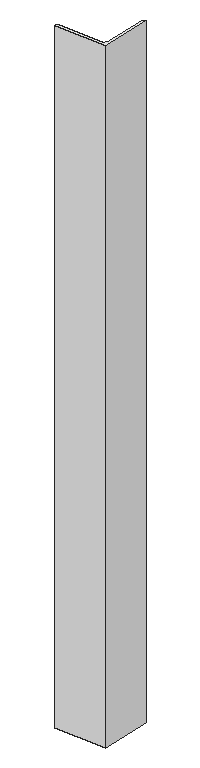
Revit family "M_L Ângulos iguais-Coluna", category Pilares estruturais, Revit 2019
Family settings
  Forma do corte = Ângulo L
  Material para o comportamento do modelo = Aço
  Exportar sempre como geometria = Não
  Redução da viga na planta = Da caixa de vinculação
  Family Name Key = M_L Equal Angles-Column
  Nome do código = AISC 14.1
  Número OmniClass = 23.25.30.11.14.11
  Título OmniClass = Columns
  ID de item do Seek = L-Equal Angles-Column-0000-CAN-ENU
  Corte com vazios quando carregada = Não
  Representação simbólica = Das configurações de projeto
  Compartilhado = Não
  Exibir o pré-corte da família na vista da planta = Sim
Parameters (values of type "L203X203X12.7")
  Largura = 203.00 mm
  Espessura da teia = 12.70 mm
  Concordância da teia = 12.70 mm
  Constante da empena = 867000000.0 mm6
  Momento de inércia de torção = 284000.00 mm4
  Concordância da alma superior = 6.35 mm
  Structural Material [instance] = Aço, 45-345
  Section Name Key = ""
  Área de corte = 5060.0 mm²
  Ângulo dos eixos principais = 45.00°
  Eixo fraco do módulo plástico = 247000.0 mm³
  Eixo forte do módulo plástico = 247000.0 mm³
  Perímetro = 0.81 m²/m
  Peso nominal = 39.30 kgf/m
  Eixo fraco do momento de inércia = 20300000.00 mm4
  Eixo forte do momento de inércia = 20300000.00 mm4
  Altura = 203.00 mm
  Espessura do flange = 12.700 mm
  Concordância do flange = 6.35 mm
  Eixo fraco do módulo de elasticidade = 137000.0 mm³
  Eixo forte do módulo de elasticidade = 137000.0 mm³
  Centróide vertical = 55.10 mm
  Centróide horizontal = 55.10 mm
  Flange mais curto do espaçamento do parafuso = 114.300 mm
  Flange mais longo 2 do espaçamento do parafuso = 0.000 mm
  Flange mais longo 1 do espaçamento do parafuso = 114.300 mm
  Assembly Code = ""
Reference planes
  plane 1: y = 0
  plane 2: z = 0
  plane 3: x = 0
  plane 4: x = -147.9
  plane 5: y = 147.9
  plane 6: y = -55.1
  plane 7: x = 55.1
  plane 8: y = -42.4
  plane 9: x = 42.4
Forms (mm)
  Extrusion 1, solid, material "Aço, 45-345" <- "Structural Material", detail levels medium
    sketch origin (0, 0, 0) x (1, 0, 0) y (0, 1, 0)
      loop
        line (-147.9, -42.4) -> (-147.9, -55.1) -> (55.1, -55.1) -> (55.1, 147.9) -> (42.4, 147.9) -> (42.4, -42.4) -> (-147.9, -42.4)
    from 0 to 2500
  Extrusion 2, solid, material "Aço, 45-345" <- "Structural Material", detail levels fine
    sketch origin (0, 0, 0) x (1, 0, 0) y (0, 1, 0)
      loop
        arc (-141.55, -42.4) -> (-146.04, -44.26) -> (-147.9, -48.75) r 6.35
        line (-147.9, -48.75) -> (-147.9, -55.1) -> (55.1, -55.1) -> (55.1, 147.9) -> (48.75, 147.9)
        arc (48.75, 147.9) -> (44.26, 146.04) -> (42.4, 141.55) r 6.35
        line (42.4, 141.55) -> (42.4, -29.7)
        arc (42.4, -29.7) -> (38.68, -38.68) -> (29.7, -42.4) r 12.7
        line (29.7, -42.4) -> (-141.55, -42.4)
    from 0 to 2500
Lines and regions (mm)
  symbolic lines, style "Faces ocultas", detail levels medium+fine
    curve 1: line (42.4, 0, 2500) -> (42.4, 0, 0)
    curve 2: line (-4.1, -42.4, 2500) -> (-4.1, -42.4, 0)
  symbolic lines, style "StructuralColumnStickSymbols", detail levels coarse
    curve 3: line (55.1, -55.1, 0) -> (-147.9, -55.1, 0)
    curve 4: line (55.1, -55.1, 0) -> (55.1, 147.9, 0)
Dimensions and locks
  "Centróide vertical": plane 1 to plane 6
  "Espessura da teia": plane 8 to plane 6
  "Espessura da teia": plane 9 to plane 7
  "Centróide horizontal": plane 3 to plane 7
  "Altura": plane 5 to plane 6
  "Largura": plane 4 to plane 7
  "Concordância da alma superior": radius of Extrusion 2 sketch curve
  "Concordância do flange": radius of Extrusion 2 sketch curve
  "Concordância da teia": radius of Extrusion 2 sketch curve
  aligned and locked: level to plane 2
  aligned and locked: level to curve 1  (x2)
  aligned and locked: plane 2 to curve 2
  aligned and locked: level to curve 2
  aligned and locked: plane 7 to curve 3
  aligned and locked: plane 6 to curve 3
  aligned and locked: Extrusion 1 sketch curve to plane 5
  aligned and locked: plane 9 to Extrusion 1 sketch curve
  aligned and locked: Extrusion 1 sketch curve to plane 8
  aligned and locked: plane 4 to Extrusion 1 sketch curve
  aligned and locked: plane 6 to Extrusion 1 sketch curve
  aligned and locked: Extrusion 1 sketch curve to plane 7
  aligned and locked: plane 4 to curve 3
  aligned and locked: plane 5 to curve 4
  aligned and locked: level to Extrusion 1
  aligned and locked: Extrusion 1 to level
  aligned and locked: plane 6 to Extrusion 2 sketch curve
  aligned and locked: Extrusion 2 sketch curve to plane 7
  aligned and locked: Extrusion 2 sketch curve to plane 5
  aligned and locked: plane 9 to Extrusion 2 sketch curve
  aligned and locked: Extrusion 2 sketch curve to plane 8
  aligned and locked: plane 4 to Extrusion 2 sketch curve
  aligned and locked: level to Extrusion 2
  aligned and locked: Extrusion 2 to level
  aligned and locked: curve 1 to plane 9
  aligned and locked: plane 8 to curve 2
Types in the file's own list only (60): name | Largura | Espessura da teia | Concordância da teia | Constante da empena | Momento de inércia de torção | Concordância da alma superior | Chave do nome do corte | Área de corte | Eixo fraco do módulo plástico | Eixo forte do módulo plástico | Perímetro | Peso nominal | Eixo fraco do momento de inércia | Eixo forte do momento de inércia | Altura | Espessura do flange | Concordância do flange | Eixo fraco do módulo de elasticidade | Eixo forte do módulo de elasticidade | Centróide vertical | Centróide horizontal | Flange mais curto do espaçamento do parafuso | Flange mais longo 1 do espaçamento do parafuso
  L51X51X3.2 | 50.800 mm | 3.180 mm | 3.180 mm | 212000.0 mm6 | 1220.00 mm4 | 1.590 mm | L2X2X1/8 | 317.0 mm² | 3770.0 mm³ | 3770.0 mm³ | 0.20 m²/m | 2.40 kgf/m | 78700.00 mm4 | 78700.00 mm4 | 50.800 mm | 3.180 mm | 1.590 mm | 2110.0 mm³ | 2110.0 mm³ | 13.600 mm | 13.600 mm | 28.575 mm | 28.575 mm
  L51X51X4.8 | 50.800 mm | 4.760 mm | 4.760 mm | 682000.0 mm6 | 3830.00 mm4 | 2.380 mm | L2X2X3/16 | 466.0 mm² | 5540.0 mm³ | 5540.0 mm³ | 0.20 m²/m | 3.60 kgf/m | 113000.00 mm4 | 113000.00 mm4 | 50.800 mm | 4.760 mm | 2.380 mm | 3080.0 mm³ | 3080.0 mm³ | 14.200 mm | 14.200 mm | 28.575 mm | 28.575 mm
  L51X51X6.4 | 50.800 mm | 6.350 mm | 6.350 mm | 1540000.0 mm6 | 8700.00 mm4 | 3.175 mm | L2X2X1/4 | 609.0 mm² | 7210.0 mm³ | 7210.0 mm³ | 0.20 m²/m | 4.70 kgf/m | 144000.00 mm4 | 144000.00 mm4 | 50.800 mm | 6.350 mm | 3.175 mm | 4000.0 mm³ | 4000.0 mm³ | 14.900 mm | 14.900 mm | 28.575 mm | 28.575 mm
  L51X51X7.9 | 50.800 mm | 7.940 mm | 7.940 mm | 2850000.0 mm6 | 16400.00 mm4 | 3.970 mm | L2X2X5/16 | 748.0 mm² | 8800.0 mm³ | 8800.0 mm³ | 0.20 m²/m | 5.80 kgf/m | 172000.00 mm4 | 172000.00 mm4 | 50.800 mm | 7.940 mm | 3.970 mm | 4880.0 mm³ | 4880.0 mm³ | 15.500 mm | 15.500 mm | 28.575 mm | 28.575 mm
  L51X51X9.5 | 50.800 mm | 9.530 mm | 9.530 mm | 4670000.0 mm6 | 27400.00 mm4 | 4.765 mm | L2X2X3/8 | 884.0 mm² | 10300.0 mm³ | 10300.0 mm³ | 0.20 m²/m | 7.00 kgf/m | 198000.00 mm4 | 198000.00 mm4 | 50.800 mm | 9.530 mm | 4.765 mm | 5700.0 mm³ | 5700.0 mm³ | 16.100 mm | 16.100 mm | 28.575 mm | 28.575 mm
  L64X64X4.8 | 63.500 mm | 4.760 mm | 4.760 mm | 1370000.0 mm6 | 4750.00 mm4 | 2.380 mm | L2 1/2X2 1/2X3/16 | 581.0 mm² | 8670.0 mm³ | 8670.0 mm³ | 0.25 m²/m | 4.60 kgf/m | 223000.00 mm4 | 223000.00 mm4 | 63.500 mm | 4.760 mm | 2.380 mm | 4830.0 mm³ | 4830.0 mm³ | 17.400 mm | 17.400 mm | 34.925 mm | 34.925 mm
  L64X64X6.4 | 63.500 mm | 6.350 mm | 6.350 mm | 3120000.0 mm6 | 10900.00 mm4 | 3.175 mm | L2 1/2X2 1/2X1/4 | 768.0 mm² | 11400.0 mm³ | 11400.0 mm³ | 0.25 m²/m | 6.10 kgf/m | 288000.00 mm4 | 288000.00 mm4 | 63.500 mm | 6.350 mm | 3.175 mm | 6340.0 mm³ | 6340.0 mm³ | 18.100 mm | 18.100 mm | 34.925 mm | 34.925 mm
  L64X64X7.9 | 63.500 mm | 7.940 mm | 7.940 mm | 5850000.0 mm6 | 20600.00 mm4 | 3.970 mm | L2 1/2X2 1/2X5/16 | 942.0 mm² | 14000.0 mm³ | 14000.0 mm³ | 0.25 m²/m | 7.40 kgf/m | 348000.00 mm4 | 348000.00 mm4 | 63.500 mm | 7.940 mm | 3.970 mm | 7770.0 mm³ | 7770.0 mm³ | 18.700 mm | 18.700 mm | 34.925 mm | 34.925 mm
  L64X64X9.5 | 63.500 mm | 9.530 mm | 9.530 mm | 9720000.0 mm6 | 34700.00 mm4 | 4.765 mm | L2 1/2X2 1/2X3/8 | 1120.0 mm² | 16600.0 mm³ | 16600.0 mm³ | 0.25 m²/m | 8.70 kgf/m | 405000.00 mm4 | 405000.00 mm4 | 63.500 mm | 9.530 mm | 4.765 mm | 9140.0 mm³ | 9140.0 mm³ | 19.300 mm | 19.300 mm | 34.925 mm | 34.925 mm
  L64X64X12.7 | 63.500 mm | 12.700 mm | 12.700 mm | 21200000.0 mm6 | 78300.00 mm4 | 6.350 mm | L2 1/2X2 1/2X1/2 | 1460.0 mm² | 21100.0 mm³ | 21100.0 mm³ | 0.25 m²/m | 11.40 kgf/m | 508000.00 mm4 | 508000.00 mm4 | 63.500 mm | 12.700 mm | 6.350 mm | 11700.0 mm³ | 11700.0 mm³ | 20.400 mm | 20.400 mm | 34.925 mm | 34.925 mm
  L76X76X4.8 | 76.200 mm | 4.760 mm | 4.760 mm | 2410000.0 mm6 | 5660.00 mm4 | 2.380 mm | L3X3X3/16 | 703.0 mm² | 12700.0 mm³ | 12700.0 mm³ | 0.30 m²/m | 5.50 kgf/m | 395000.00 mm4 | 395000.00 mm4 | 76.200 mm | 4.760 mm | 2.380 mm | 7100.0 mm³ | 7100.0 mm³ | 20.600 mm | 20.600 mm | 44.450 mm | 44.450 mm
  L76X76X6.4 | 76.200 mm | 6.350 mm | 6.350 mm | 5530000.0 mm6 | 13000.00 mm4 | 3.175 mm | L3X3X1/4 | 929.0 mm² | 16700.0 mm³ | 16700.0 mm³ | 0.30 m²/m | 7.30 kgf/m | 512000.00 mm4 | 512000.00 mm4 | 76.200 mm | 6.350 mm | 3.175 mm | 9320.0 mm³ | 9320.0 mm³ | 21.200 mm | 21.200 mm | 44.450 mm | 44.450 mm
  L76X76X7.9 | 76.200 mm | 7.940 mm | 7.940 mm | 10500000.0 mm6 | 24800.00 mm4 | 3.970 mm | L3X3X5/16 | 1150.0 mm² | 20600.0 mm³ | 20600.0 mm³ | 0.30 m²/m | 9.10 kgf/m | 624000.00 mm4 | 624000.00 mm4 | 76.200 mm | 7.940 mm | 3.970 mm | 11500.0 mm³ | 11500.0 mm³ | 21.800 mm | 21.800 mm | 44.450 mm | 44.450 mm
  L76X76X9.5 | 76.200 mm | 9.530 mm | 9.530 mm | 17500000.0 mm6 | 42000.00 mm4 | 4.765 mm | L3X3X3/8 | 1360.0 mm² | 24300.0 mm³ | 24300.0 mm³ | 0.30 m²/m | 10.70 kgf/m | 728000.00 mm4 | 728000.00 mm4 | 76.200 mm | 9.530 mm | 4.765 mm | 13500.0 mm³ | 13500.0 mm³ | 22.500 mm | 22.500 mm | 44.450 mm | 44.450 mm
  L76X76X11.1 | 76.200 mm | 11.100 mm | 11.100 mm | 26900000.0 mm6 | 65300.00 mm4 | 5.550 mm | L3X3X7/16 | 1570.0 mm² | 27900.0 mm³ | 27900.0 mm³ | 0.30 m²/m | 12.40 kgf/m | 824000.00 mm4 | 824000.00 mm4 | 76.200 mm | 11.100 mm | 5.550 mm | 15500.0 mm³ | 15500.0 mm³ | 23.000 mm | 23.000 mm | 44.450 mm | 44.450 mm
  L76X76X12.7 | 76.200 mm | 12.700 mm | 12.700 mm | 38700000.0 mm6 | 95700.00 mm4 | 6.350 mm | L3X3X1/2 | 1780.0 mm² | 31300.0 mm³ | 31300.0 mm³ | 0.30 m²/m | 14.00 kgf/m | 916000.00 mm4 | 916000.00 mm4 | 76.200 mm | 12.700 mm | 6.350 mm | 17400.0 mm³ | 17400.0 mm³ | 23.600 mm | 23.600 mm | 44.450 mm | 44.450 mm
  L89X89X6.4 | 88.900 mm | 6.350 mm | 6.350 mm | 8970000.0 mm6 | 16100.00 mm4 | 3.175 mm | L3 1/2X3 1/2X1/4 | 1100.0 mm² | 23100.0 mm³ | 23100.0 mm³ | 0.35 m²/m | 8.60 kgf/m | 832000.00 mm4 | 832000.00 mm4 | 88.900 mm | 6.350 mm | 3.175 mm | 12900.0 mm³ | 12900.0 mm³ | 24.200 mm | 24.200 mm | 50.800 mm | 50.800 mm
  L89X89X7.9 | 88.900 mm | 7.940 mm | 7.940 mm | 17000000.0 mm6 | 30400.00 mm4 | 3.970 mm | L3 1/2X3 1/2X5/16 | 1350.0 mm² | 28500.0 mm³ | 28500.0 mm³ | 0.35 m²/m | 10.70 kgf/m | 1020000.00 mm4 | 1020000.00 mm4 | 88.900 mm | 7.940 mm | 3.970 mm | 15900.0 mm³ | 15900.0 mm³ | 24.900 mm | 24.900 mm | 50.800 mm | 50.800 mm
  L89X89X9.5 | 88.900 mm | 9.530 mm | 9.530 mm | 28500000.0 mm6 | 51200.00 mm4 | 4.765 mm | L3 1/2X3 1/2X3/8 | 1610.0 mm² | 33800.0 mm³ | 33800.0 mm³ | 0.35 m²/m | 12.60 kgf/m | 1190000.00 mm4 | 1190000.00 mm4 | 88.900 mm | 9.530 mm | 4.765 mm | 18800.0 mm³ | 18800.0 mm³ | 25.400 mm | 25.400 mm | 50.800 mm | 50.800 mm
  L89X89X11.1 | 88.900 mm | 11.100 mm | 11.100 mm | 44000000.0 mm6 | 79900.00 mm4 | 5.550 mm | L3 1/2X3 1/2X7/16 | 1860.0 mm² | 38700.0 mm³ | 38700.0 mm³ | 0.35 m²/m | 14.60 kgf/m | 1350000.00 mm4 | 1350000.00 mm4 | 88.900 mm | 11.100 mm | 5.550 mm | 21600.0 mm³ | 21600.0 mm³ | 26.200 mm | 26.200 mm | 50.800 mm | 50.800 mm
  L89X89X12.7 | 88.900 mm | 12.700 mm | 12.700 mm | 63900000.0 mm6 | 117000.00 mm4 | 6.350 mm | L3 1/2X3 1/2X1/2 | 2100.0 mm² | 43600.0 mm³ | 43600.0 mm³ | 0.35 m²/m | 16.50 kgf/m | 1510000.00 mm4 | 1510000.00 mm4 | 88.900 mm | 12.700 mm | 6.350 mm | 24300.0 mm³ | 24300.0 mm³ | 26.700 mm | 26.700 mm | 50.800 mm | 50.800 mm
  L102X102X6.4 | 102.000 mm | 6.350 mm | 6.350 mm | 13600000.0 mm6 | 18200.00 mm4 | 3.175 mm | L4X4X1/4 | 1250.0 mm² | 29800.0 mm³ | 29800.0 mm³ | 0.40 m²/m | 9.80 kgf/m | 1250000.00 mm4 | 1250000.00 mm4 | 102.000 mm | 6.350 mm | 3.175 mm | 16900.0 mm³ | 16900.0 mm³ | 27.400 mm | 27.400 mm | 63.500 mm | 63.500 mm
  L102X102X7.9 | 102.000 mm | 7.940 mm | 7.940 mm | 25900000.0 mm6 | 34600.00 mm4 | 3.970 mm | L4X4X5/16 | 1550.0 mm² | 37000.0 mm³ | 37000.0 mm³ | 0.40 m²/m | 12.20 kgf/m | 1530000.00 mm4 | 1530000.00 mm4 | 102.000 mm | 7.940 mm | 3.970 mm | 20800.0 mm³ | 20800.0 mm³ | 28.200 mm | 28.200 mm | 63.500 mm | 63.500 mm
  L102X102X9.5 | 102.000 mm | 9.530 mm | 9.530 mm | 43500000.0 mm6 | 58700.00 mm4 | 4.765 mm | L4X4X3/8 | 1850.0 mm² | 44100.0 mm³ | 44100.0 mm³ | 0.40 m²/m | 14.60 kgf/m | 1800000.00 mm4 | 1800000.00 mm4 | 102.000 mm | 9.530 mm | 4.765 mm | 24600.0 mm³ | 24600.0 mm³ | 28.700 mm | 28.700 mm | 63.500 mm | 63.500 mm
  L102X102X11.1 | 102.000 mm | 11.100 mm | 11.100 mm | 67700000.0 mm6 | 91600.00 mm4 | 5.550 mm | L4X4X7/16 | 2130.0 mm² | 50800.0 mm³ | 50800.0 mm³ | 0.40 m²/m | 16.80 kgf/m | 2050000.00 mm4 | 2050000.00 mm4 | 102.000 mm | 11.100 mm | 5.550 mm | 28300.0 mm³ | 28300.0 mm³ | 29.200 mm | 29.200 mm | 63.500 mm | 63.500 mm
  L102X102X12.7 | 102.000 mm | 12.700 mm | 12.700 mm | 98300000.0 mm6 | 134000.00 mm4 | 6.350 mm | L4X4X1/2 | 2420.0 mm² | 57400.0 mm³ | 57400.0 mm³ | 0.40 m²/m | 19.00 kgf/m | 2300000.00 mm4 | 2300000.00 mm4 | 102.000 mm | 12.700 mm | 6.350 mm | 32100.0 mm³ | 32100.0 mm³ | 30.000 mm | 30.000 mm | 63.500 mm | 63.500 mm
  L102X102X15.9 | 102.000 mm | 15.900 mm | 15.900 mm | 183000000.0 mm6 | 254000.00 mm4 | 7.950 mm | L4X4X5/8 | 2970.0 mm² | 70100.0 mm³ | 70100.0 mm³ | 0.40 m²/m | 23.40 kgf/m | 2760000.00 mm4 | 2760000.00 mm4 | 102.000 mm | 15.900 mm | 7.950 mm | 39000.0 mm³ | 39000.0 mm³ | 31.000 mm | 31.000 mm | 63.500 mm | 63.500 mm
  L102X102X19 | 102.000 mm | 19.100 mm | 19.100 mm | 301000000.0 mm6 | 425000.00 mm4 | 9.550 mm | L4X4X3/4 | 3510.0 mm² | 82300.0 mm³ | 82300.0 mm³ | 0.40 m²/m | 27.50 kgf/m | 3170000.00 mm4 | 3170000.00 mm4 | 102.000 mm | 19.100 mm | 9.550 mm | 45700.0 mm³ | 45700.0 mm³ | 32.300 mm | 32.300 mm | 63.500 mm | 63.500 mm
  L127X127X7.9 | 127.000 mm | 7.940 mm | 7.940 mm | 51800000.0 mm6 | 45000.00 mm4 | 3.970 mm | L5X5X5/16 | 1980.0 mm² | 59800.0 mm³ | 59800.0 mm³ | 0.51 m²/m | 15.30 kgf/m | 3100000.00 mm4 | 3100000.00 mm4 | 127.000 mm | 7.940 mm | 3.970 mm | 33400.0 mm³ | 33400.0 mm³ | 34.300 mm | 34.300 mm | 76.200 mm | 76.200 mm
  L127X127X9.5 | 127.000 mm | 9.530 mm | 9.530 mm | 87800000.0 mm6 | 76200.00 mm4 | 4.765 mm | L5X5X3/8 | 2350.0 mm² | 71000.0 mm³ | 71000.0 mm³ | 0.51 m²/m | 18.30 kgf/m | 3650000.00 mm4 | 3650000.00 mm4 | 127.000 mm | 9.530 mm | 4.765 mm | 39500.0 mm³ | 39500.0 mm³ | 34.800 mm | 34.800 mm | 76.200 mm | 76.200 mm
  L127X127X11.1 | 127.000 mm | 11.100 mm | 11.100 mm | 136000000.0 mm6 | 118000.00 mm4 | 5.550 mm | L5X5X7/16 | 2720.0 mm² | 81900.0 mm³ | 81900.0 mm³ | 0.50 m²/m | 21.30 kgf/m | 4160000.00 mm4 | 4160000.00 mm4 | 127.000 mm | 11.100 mm | 5.550 mm | 45600.0 mm³ | 45600.0 mm³ | 35.600 mm | 35.600 mm | 76.200 mm | 76.200 mm
  L127X127X12.7 | 127.000 mm | 12.700 mm | 12.700 mm | 200000000.0 mm6 | 174000.00 mm4 | 6.350 mm | L5X5X1/2 | 3090.0 mm² | 92800.0 mm³ | 92800.0 mm³ | 0.50 m²/m | 24.10 kgf/m | 4700000.00 mm4 | 4700000.00 mm4 | 127.000 mm | 12.700 mm | 6.350 mm | 51600.0 mm³ | 51600.0 mm³ | 36.100 mm | 36.100 mm | 76.200 mm | 76.200 mm
  L127X127X15.9 | 127.000 mm | 15.900 mm | 15.900 mm | 376000000.0 mm6 | 330000.00 mm4 | 7.950 mm | L5X5X5/8 | 3810.0 mm² | 114000.0 mm³ | 114000.0 mm³ | 0.50 m²/m | 29.80 kgf/m | 5660000.00 mm4 | 5660000.00 mm4 | 127.000 mm | 15.900 mm | 7.950 mm | 63100.0 mm³ | 63100.0 mm³ | 37.300 mm | 37.300 mm | 76.200 mm | 76.200 mm
  L127X127X19 | 127.000 mm | 19.100 mm | 19.100 mm | 623000000.0 mm6 | 554000.00 mm4 | 9.550 mm | L5X5X3/4 | 4500.0 mm² | 133000.0 mm³ | 133000.0 mm³ | 0.51 m²/m | 35.10 kgf/m | 6530000.00 mm4 | 6530000.00 mm4 | 127.000 mm | 19.100 mm | 9.550 mm | 74100.0 mm³ | 74100.0 mm³ | 38.600 mm | 38.600 mm | 76.200 mm | 76.200 mm
  L127X127X22.2 | 127.000 mm | 22.200 mm | 22.200 mm | 948000000.0 mm6 | 862000.00 mm4 | 11.100 mm | L5X5X7/8 | 5160.0 mm² | 153000.0 mm³ | 153000.0 mm³ | 0.50 m²/m | 40.50 kgf/m | 7410000.00 mm4 | 7410000.00 mm4 | 127.000 mm | 22.200 mm | 11.100 mm | 84600.0 mm³ | 84600.0 mm³ | 39.600 mm | 39.600 mm | 76.200 mm | 76.200 mm
  L152X152X7.9 | 152.000 mm | 7.940 mm | 7.940 mm | 90800000.0 mm6 | 53700.00 mm4 | 3.970 mm | L6X6X5/16 | 2370.0 mm² | 86200.0 mm³ | 86200.0 mm³ | 0.60 m²/m | 18.50 kgf/m | 5410000.00 mm4 | 5410000.00 mm4 | 152.000 mm | 7.940 mm | 3.970 mm | 48300.0 mm³ | 48300.0 mm³ | 40.600 mm | 40.600 mm | 88.900 mm | 88.900 mm
  L152X152X9.5 | 152.000 mm | 9.530 mm | 9.530 mm | 154000000.0 mm6 | 90700.00 mm4 | 4.765 mm | L6X6X3/8 | 2830.0 mm² | 103000.0 mm³ | 103000.0 mm³ | 0.60 m²/m | 22.20 kgf/m | 6410000.00 mm4 | 6410000.00 mm4 | 152.000 mm | 9.530 mm | 4.765 mm | 57500.0 mm³ | 57500.0 mm³ | 41.100 mm | 41.100 mm | 88.900 mm | 88.900 mm
  L152X152X11.1 | 152.000 mm | 11.100 mm | 11.100 mm | 241000000.0 mm6 | 142000.00 mm4 | 5.550 mm | L6X6X7/16 | 3280.0 mm² | 119000.0 mm³ | 119000.0 mm³ | 0.61 m²/m | 25.60 kgf/m | 7330000.00 mm4 | 7330000.00 mm4 | 152.000 mm | 11.100 mm | 5.550 mm | 66500.0 mm³ | 66500.0 mm³ | 41.900 mm | 41.900 mm | 88.900 mm | 88.900 mm
  L152X152X12.7 | 152.000 mm | 12.700 mm | 12.700 mm | 354000000.0 mm6 | 209000.00 mm4 | 6.350 mm | L6X6X1/2 | 3720.0 mm² | 135000.0 mm³ | 135000.0 mm³ | 0.60 m²/m | 29.20 kgf/m | 8280000.00 mm4 | 8280000.00 mm4 | 152.000 mm | 12.700 mm | 6.350 mm | 75200.0 mm³ | 75200.0 mm³ | 42.400 mm | 42.400 mm | 88.900 mm | 88.900 mm
  L152X152X14.3 | 152.000 mm | 14.300 mm | 14.300 mm | 497000000.0 mm6 | 293000.00 mm4 | 7.150 mm | L6X6X9/16 | 4160.0 mm² | 150000.0 mm³ | 150000.0 mm³ | 0.61 m²/m | 32.60 kgf/m | 9160000.00 mm4 | 9160000.00 mm4 | 152.000 mm | 14.300 mm | 7.150 mm | 83900.0 mm³ | 83900.0 mm³ | 43.200 mm | 43.200 mm | 88.900 mm | 88.900 mm
  L152X152X15.9 | 152.000 mm | 15.900 mm | 15.900 mm | 671000000.0 mm6 | 398000.00 mm4 | 7.950 mm | L6X6X5/8 | 4600.0 mm² | 166000.0 mm³ | 166000.0 mm³ | 0.61 m²/m | 36.00 kgf/m | 10000000.00 mm4 | 10000000.00 mm4 | 152.000 mm | 15.900 mm | 7.950 mm | 92400.0 mm³ | 92400.0 mm³ | 43.700 mm | 43.700 mm | 88.900 mm | 88.900 mm
  L152X152X19 | 152.000 mm | 19.100 mm | 19.100 mm | 1120000000.0 mm6 | 670000.00 mm4 | 9.550 mm | L6X6X3/4 | 5460.0 mm² | 195000.0 mm³ | 195000.0 mm³ | 0.61 m²/m | 42.70 kgf/m | 11700000.00 mm4 | 11700000.00 mm4 | 152.000 mm | 19.100 mm | 9.550 mm | 109000.0 mm³ | 109000.0 mm³ | 45.000 mm | 45.000 mm | 88.900 mm | 88.900 mm
  L152X152X22.2 | 152.000 mm | 22.200 mm | 22.200 mm | 1720000000.0 mm6 | 1040000.00 mm4 | 11.100 mm | L6X6X7/8 | 6290.0 mm² | 225000.0 mm³ | 225000.0 mm³ | 0.61 m²/m | 49.30 kgf/m | 13300000.00 mm4 | 13300000.00 mm4 | 152.000 mm | 22.200 mm | 11.100 mm | 125000.0 mm³ | 125000.0 mm³ | 46.000 mm | 46.000 mm | 88.900 mm | 88.900 mm
  L152X152X25.4 | 152.000 mm | 25.400 mm | 25.400 mm | 2480000000.0 mm6 | 1530000.00 mm4 | 12.700 mm | L6X6X1 | 7100.0 mm² | 252000.0 mm³ | 252000.0 mm³ | 0.61 m²/m | 55.70 kgf/m | 14700000.00 mm4 | 14700000.00 mm4 | 152.000 mm | 25.400 mm | 12.700 mm | 140000.0 mm³ | 140000.0 mm³ | 47.200 mm | 47.200 mm | 88.900 mm | 88.900 mm
  L203X203X14.3 | 203.000 mm | 14.300 mm | 14.300 mm | 1220000000.0 mm6 | 400000.00 mm4 | 7.150 mm | L8X8X9/16 | 5660.0 mm² | 275000.0 mm³ | 275000.0 mm³ | 0.81 m²/m | 44.00 kgf/m | 22600000.00 mm4 | 22600000.00 mm4 | 203.000 mm | 14.300 mm | 7.150 mm | 153000.0 mm³ | 153000.0 mm³ | 55.600 mm | 55.600 mm | 114.300 mm | 114.300 mm
  L203X203X15.9 | 203.000 mm | 15.900 mm | 15.900 mm | 1650000000.0 mm6 | 541000.00 mm4 | 7.950 mm | L8X8X5/8 | 6250.0 mm² | 305000.0 mm³ | 305000.0 mm³ | 0.81 m²/m | 48.70 kgf/m | 24800000.00 mm4 | 24800000.00 mm4 | 203.000 mm | 15.900 mm | 7.950 mm | 169000.0 mm³ | 169000.0 mm³ | 56.100 mm | 56.100 mm | 114.300 mm | 114.300 mm
  L203X203X19 | 203.000 mm | 19.100 mm | 19.100 mm | 2790000000.0 mm6 | 920000.00 mm4 | 9.550 mm | L8X8X3/4 | 7420.0 mm² | 361000.0 mm³ | 361000.0 mm³ | 0.81 m²/m | 57.90 kgf/m | 29100000.00 mm4 | 29100000.00 mm4 | 203.000 mm | 19.100 mm | 9.550 mm | 200000.0 mm³ | 200000.0 mm³ | 57.400 mm | 57.400 mm | 114.300 mm | 114.300 mm
  L203X203X22.2 | 203.000 mm | 22.200 mm | 22.200 mm | 4320000000.0 mm6 | 1440000.00 mm4 | 11.100 mm | L8X8X7/8 | 8580.0 mm² | 415000.0 mm³ | 415000.0 mm³ | 0.81 m²/m | 67.00 kgf/m | 33200000.00 mm4 | 33200000.00 mm4 | 203.000 mm | 22.200 mm | 11.100 mm | 229000.0 mm³ | 229000.0 mm³ | 58.700 mm | 58.700 mm | 114.300 mm | 114.300 mm
  L203X203X25.4 | 203.000 mm | 25.400 mm | 25.400 mm | 6280000000.0 mm6 | 2110000.00 mm4 | 12.700 mm | L8X8X1 | 9740.0 mm² | 467000.0 mm³ | 467000.0 mm³ | 0.81 m²/m | 75.90 kgf/m | 37100000.00 mm4 | 37100000.00 mm4 | 203.000 mm | 25.400 mm | 12.700 mm | 259000.0 mm³ | 259000.0 mm³ | 59.900 mm | 59.900 mm | 114.300 mm | 114.300 mm
  L203X203X28.6 | 203.000 mm | 28.600 mm | 28.600 mm | 8730000000.0 mm6 | 2970000.00 mm4 | 14.300 mm | L8X8X1 1/8 | 10800.0 mm² | 518000.0 mm³ | 518000.0 mm³ | 0.81 m²/m | 84.70 kgf/m | 40800000.00 mm4 | 40800000.00 mm4 | 203.000 mm | 28.600 mm | 14.300 mm | 287000.0 mm³ | 287000.0 mm³ | 61.000 mm | 61.000 mm | 114.300 mm | 114.300 mm
  L254X254X19.1 | 254.000 mm | 19.100 mm | 18.000 mm | 0.0 mm6 | 0.00 mm4 | 9.000 mm | L10X10X3/4 | 9310.0 mm² | 0.0 mm³ | 0.0 mm³ | 0.99 m²/m | 73.10 kgf/m | 57070000.00 mm4 | 57070000.00 mm4 | 254.000 mm | 19.100 mm | 9.000 mm | 309800.0 mm³ | 309800.0 mm³ | 69.800 mm | 69.800 mm | 0.000 mm | 0.000 mm
  L254X254X22.2 | 254.000 mm | 22.200 mm | 18.000 mm | 0.0 mm6 | 0.00 mm4 | 9.000 mm | L10X10X7/8 | 10800.0 mm² | 0.0 mm³ | 0.0 mm³ | 0.99 m²/m | 84.60 kgf/m | 65490000.00 mm4 | 65490000.00 mm4 | 254.000 mm | 22.200 mm | 9.000 mm | 357900.0 mm³ | 357900.0 mm³ | 71.000 mm | 71.000 mm | 0.000 mm | 0.000 mm
  L254X254X25.4 | 254.000 mm | 25.400 mm | 18.000 mm | 0.0 mm6 | 0.00 mm4 | 9.000 mm | L10X10X1 | 12300.0 mm² | 0.0 mm³ | 0.0 mm³ | 0.99 m²/m | 96.20 kgf/m | 73740000.00 mm4 | 73740000.00 mm4 | 254.000 mm | 25.400 mm | 9.000 mm | 405800.0 mm³ | 405800.0 mm³ | 72.300 mm | 72.300 mm | 0.000 mm | 0.000 mm
  L254X254X28.6 | 254.000 mm | 28.600 mm | 18.000 mm | 0.0 mm6 | 0.00 mm4 | 9.000 mm | L10X10X1 1/8 | 13700.0 mm² | 0.0 mm³ | 0.0 mm³ | 0.99 m²/m | 108.00 kgf/m | 81680000.00 mm4 | 81680000.00 mm4 | 254.000 mm | 28.600 mm | 9.000 mm | 452600.0 mm³ | 452600.0 mm³ | 73.500 mm | 73.500 mm | 0.000 mm | 0.000 mm
  L254X254X31.8 | 254.000 mm | 31.800 mm | 18.000 mm | 0.0 mm6 | 0.00 mm4 | 9.000 mm | L10X10X1 1/4 | 15100.0 mm² | 0.0 mm³ | 0.0 mm³ | 0.99 m²/m | 119.00 kgf/m | 89330000.00 mm4 | 89330000.00 mm4 | 254.000 mm | 31.800 mm | 9.000 mm | 498300.0 mm³ | 498300.0 mm³ | 74.700 mm | 74.700 mm | 0.000 mm | 0.000 mm
  L254X254X34.9 | 254.000 mm | 34.900 mm | 18.000 mm | 0.0 mm6 | 0.00 mm4 | 9.000 mm | L10X10X1 3/8 | 16500.0 mm² | 0.0 mm³ | 0.0 mm³ | 0.99 m²/m | 130.00 kgf/m | 96480000.00 mm4 | 96480000.00 mm4 | 254.000 mm | 34.900 mm | 9.000 mm | 541700.0 mm³ | 541700.0 mm³ | 75.900 mm | 75.900 mm | 0.000 mm | 0.000 mm
  L305X305X25.4 | 305.000 mm | 25.400 mm | 18.000 mm | 0.0 mm6 | 0.00 mm4 | 12.700 mm | L12X12X1 | 14700.0 mm² | 0.0 mm³ | 0.0 mm³ | 1.18 m²/m | 116.00 kgf/m | 129200000.00 mm4 | 129200000.00 mm4 | 305.000 mm | 25.400 mm | 12.700 mm | 587100.0 mm³ | 587100.0 mm³ | 84.800 mm | 84.800 mm | 0.000 mm | 0.000 mm
  L305X305X28.6 | 305.000 mm | 28.600 mm | 18.000 mm | 0.0 mm6 | 0.00 mm4 | 12.700 mm | L12X12X1 1/8 | 16500.0 mm² | 0.0 mm³ | 0.0 mm³ | 1.18 m²/m | 130.00 kgf/m | 143700000.00 mm4 | 143700000.00 mm4 | 305.000 mm | 28.600 mm | 12.700 mm | 656700.0 mm³ | 656700.0 mm³ | 86.000 mm | 86.000 mm | 0.000 mm | 0.000 mm
  L305X305X31.8 | 305.000 mm | 31.800 mm | 18.000 mm | 0.0 mm6 | 0.00 mm4 | 12.700 mm | L12X12X1 1/4 | 18300.0 mm² | 0.0 mm³ | 0.0 mm³ | 1.18 m²/m | 143.00 kgf/m | 157700000.00 mm4 | 157700000.00 mm4 | 305.000 mm | 31.800 mm | 12.700 mm | 725000.0 mm³ | 725000.0 mm³ | 87.300 mm | 87.300 mm | 0.000 mm | 0.000 mm
  L305X305X34.9 | 305.000 mm | 34.900 mm | 18.000 mm | 0.0 mm6 | 0.00 mm4 | 12.700 mm | L12X12X1 3/8 | 19900.0 mm² | 0.0 mm³ | 0.0 mm³ | 1.18 m²/m | 157.00 kgf/m | 170900000.00 mm4 | 170900000.00 mm4 | 305.000 mm | 34.900 mm | 12.700 mm | 789900.0 mm³ | 789900.0 mm³ | 88.500 mm | 88.500 mm | 0.000 mm | 0.000 mm
